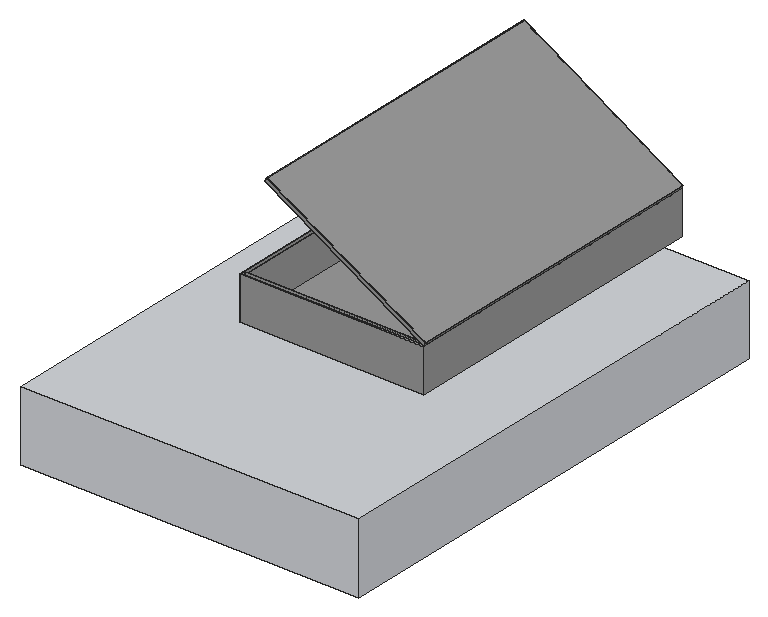
Revit family "Hager-Univers-IP54-D205-H1400-Cl.II-Encl-AT-de", category Equipement électrique, Revit 2020
Family settings
  Hôte = Face
  Configuration du panneau = Deux colonnes, circuits au sein
  Cote de connecteur circulaire = Utiliser le diamètre
  Type d'élément = Tableau de raccordement
  Couper avec des vides une fois chargée = Non
  Partagée = Non
  Point de calcul de pièce = Non
Parameters (values of type "Aufputz IP54 B800 H1400 T205  - FP93SW2")
  Width Control [instance] = if([EF000008 - Breite] > Min Width, [EF000008 - Breite], Min Width)  # 800 mm
  Commentaires du type = [HG000003 - Bereich]  # "Univers"
  Thickness Door [instance] = if([EF009171 - Materialstärke Tür/Deckel] > 3 mm, 3 mm, [EF009171 - Materialstärke Tür/Deckel])  # 1 mm
  Seal Frame Offset [instance] = 17 mm  # constant formula
  Plinth Visibility [instance] = [HG000027 - Sockelhöhe] > 0 mm  # no
  Model = ""
  Min Width [instance] = 100 mm  # constant formula
  Min Height [instance] = 100 mm  # constant formula
  Min Depth [instance] = (2 * [EF009170 - Materialstärke Gehäuse]) + 1 mm  # 3 mm
  Internal Frame Depth [instance] = (Door System Depth * 0.5)  # 9 mm
  Height Control [instance] = if([EF000040 - Höhe] > Min Height, [EF000040 - Höhe], Min Height)  # 1400 mm
  HG000027 - Sockelhöhe = 0 mm
  HG000026 - Stehend auf dem Boden = no
  HG000024 - Höhe des unteren Teils = 800 mm
  HG000023 - Gehäuse mit doppeltem Querschnitt = no
  HG000016 - 3D-Türsichtbarkeit [instance] = yes
  HG000015 - Sichtbarkeit der Türöffnung [instance] = no
  HG000014 - Tür rechts [instance] = yes
  HG000013 - Tür links [instance] = not([HG000014 - Tür rechts])  # no
  HG000012 - Türschwenkwinkel [instance] = 30.00°
  HG000010 - Asymmetrische Türen = no
  HG000009 - Doppelflügeligen Tür = no
  HG000006 - Unterputz = no
  HG000004 - Herstellerreferenz = "FP93SW2"
  HG000003 - Bereich = "Univers"
  HG000002 - Mit tür = yes
  Frame Offset Bottom [instance] = 10 mm  # constant formula
  Frame Offset [instance] = 15 mm  # constant formula
  EF015940 - Deckel mit Überdruckentlastung = no
  EF011959 - Schutzart (NEMA) = ""
  EF009554 - Anzahl der Öffnungen für Flanschplatten = 6
  Fabricant = "Hager"  # constant formula
  EF009212 - Ausführung Deckel = "EV000116 - geschlossen"
  EF009171 - Materialstärke Tür/Deckel = 1 mm
  EF009170 - Materialstärke Gehäuse = 1 mm
  EF008873 - Nennstrom (In) = 250 A
  EF007800 - Geeignet für Blitzschutz = no
  EF006306 - Mit Schloss = no
  EF006244 - Transparenter Deckel/Tür = no
  EF005474 - Schutzart (IP) = "EV006419 - IP54"
  EF004464 - Art der Tür = "EV002646 - Einzel"
  EF004427 - Anzahl der Module = 324
  EF004293 - Schlagfestigkeit = "EV006815 - IK09"
  EF003532 - Geeignet für Außengebrauch = no
  EF002950 - Breite in Teilungseinheiten = 36
  EF001613 - Funktionserhalt = "EV000494 - ohne"
  EF001596 - Werkstoff des Gehäuses = "EV000179 - Stahl"
  EF001131 - Innentiefe = 130 mm
  EF001088 - Anbaumöglichkeit = yes
  EF000437 - Anzahl der Leitungseinführungen = 6
  EF000339 - Art der Abdeckung = "EV004216 - Tür"
  EF000266 - Anzahl der Reihen = 9
  EF000218 - Einbautiefe = 205 mm
  EF000118 - Mit Montageplatte = no
  EF000116 - RAL-Nummer = "9010"
  EF000049 - Tiefe = 205 mm
  EF000040 - Höhe = 1400 mm
  EF000008 - Breite = 800 mm
  EF000007 - Farbe = "EV000202 - weiß"
  EF000003 - Montageart = "EV000384 - Aufputz"
  Door System Leaf Tolerance [instance] = 1.5 mm  # constant formula
  Door System Depth [instance] = 18 mm  # constant formula
  Door Height [instance] = Height Control - [HG000027 - Sockelhöhe]  # 1400 mm
  Depth Control [instance] = if([EF000049 - Tiefe] > Min Depth, [EF000049 - Tiefe], Min Depth)  # 205 mm
  Default Elevation = 0 mm
  Connector Offset [instance] = Height Control / 2  # 700 mm
  Bottom Top Plate Trim [instance] = 1.5 mm  # constant formula
  Plinth height Ctrl [instance] = if([HG000027 - Sockelhöhe] > 0 mm, [HG000027 - Sockelhöhe], 12 mm)  # 12 mm
Types (5, lengths in mm): name | Width Control | HG000010 - Asymmetrische Türen | HG000009 - Doppelflügeligen Tür | HG000004 - Herstellerreferenz | EF009554 - Anzahl der Öffnungen für Flanschplatten | EF004464 - Art der Tür | EF004427 - Anzahl der Module | EF002950 - Breite in Teilungseinheiten | EF000437 - Anzahl der Leitungseinführungen | EF000008 - Breite
  Aufputz IP54 B1050 H1400 T205  - FP94SW2 | 1050 | no | yes | "FP94SW2" | 8 | "EV003602 - Doppel" | 432 | 48 | 8 | 1050
  Aufputz IP54 B1300 H1400 T205  - FP95SW2 | 1300 | yes | yes | "FP95SW2" | 10 | "EV003602 - Doppel" | 540 | 60 | 10 | 1300
  Aufputz IP54 B300 H1400 T205  - FP91SW2 | 300 | no | no | "FP91SW2" | 2 | "EV002646 - Einzel" | 108 | 12 | 2 | 300
  Aufputz IP54 B550 H1400 T205  - FP92SW2 | 550 | no | no | "FP92SW2" | 4 | "EV002646 - Einzel" | 216 | 24 | 4 | 550
  Aufputz IP54 B800 H1400 T205  - FP93SW2 | 800 | no | no | "FP93SW2" | 6 | "EV002646 - Einzel" | 324 | 36 | 6 | 800
Reference planes
  plane 1 "Center (Front/Back)": y = 0
  plane 2: z = 0
  plane 3 "Center (Left/Right)": x = 0
  plane 4: z = 205
  plane 5: y = 1
  plane 6: y = 700
  plane 7: y = 0
  plane 8: y = 1400
  plane 9: z = 0
  plane 10: x = -385
  plane 11: x = 385
  plane 12: x = 384
  plane 13: x = -384
  plane 14: y = 1399
  plane 15: x = -383
  plane 16: x = -400
  plane 17: x = 383
  plane 18: x = 400
  plane 19: x = 399
  plane 20: x = -399
  plane 21: y = 11
  plane 22: y = 1400
  plane 23: y = 1384
  plane 24: z = 187
  plane 25: z = 1
  plane 26: z = 186
  plane 27: z = 204
Forms (mm)
  Extrusion 1, solid
    sketch origin (0, 0, 0) x (1, 0, 0) y (0, 1, 0)
      loop
        line (-702.964, 1305) -> (-702.964, -811.445) -> (766.763, -811.445) -> (766.763, 1305) -> (-702.964, 1305)
    from 0 to -304.8
  Extrusion 2, solid, material "Hager_Steel_RAL7035_Light_Grey", visible <- "Plinth Visibility", detail levels medium+fine
    sketch origin (0, 0, 0) x (1, 0, 0) y (0, 1, 0)
      loop
        line (-400, 0) -> (400, 0) -> (400, 12) -> (-400, 12) -> (-400, 0)
    from 0 to 187
  Extrusion 3, solid, material "Hager_Steel_RAL7035_Light_Grey", detail levels medium+fine
    sketch origin (0, 0, 0) x (1, 0, 0) y (0, 1, 0)
      loop
        line (-400, 0) -> (400, 0) -> (400, 1400) -> (-400, 1400) -> (-400, 0)
    from 0 to 187
  Extrusion 4, void
    sketch origin (0, 0, 0) x (1, 0, 0) y (0, 1, 0)
      loop
        line (-399, 1) -> (399, 1) -> (399, 1399) -> (-399, 1399) -> (-399, 1)
    from 1 to 186
  Extrusion 5, void
    sketch origin (-381.607, -4572, 187) x (0, -1, 0) y (-1, 0, 0)
      loop
        line (-4583, 2.393) -> (-5956, 2.393) -> (-5956, -765.607) -> (-4583, -765.607) -> (-4583, 2.393)
    from 0 to 1 <- "EF009170 - Materialstärke Gehäuse"
  Extrusion 6, solid, material "Hager_Steel_RAL7035_Light_Grey", detail levels fine
    sketch origin (0, 0, 187) x (1, 0, 0) y (0, 1, 0)
      loop
        line (-384, 1384) -> (-384, 11) -> (384, 11) -> (384, 1384) -> (-384, 1384)
      loop
        line (-385, 10) -> (385, 10) -> (385, 1385) -> (-385, 1385) -> (-385, 10)
    from 0 to 9 <- "Internal Frame Depth"
  Extrusion 7, solid, material "Hager_Steel_RAL7035_Light_Grey", detail levels coarse
    sketch origin (0, 0, 0) x (1, 0, 0) y (0, 1, 0)
      loop
        line (-400, 0) -> (400, 0) -> (400, 1400) -> (-400, 1400) -> (-400, 0)
    from 0 to 205
  Sweep 8, void
    path in 3D
      loop
        line (-400, 12, 0) -> (400, 12, 0) -> (400, 12, 187) -> (-400, 12, 187) -> (-400, 12, 0)
    profile origin (-400, 12, 93.5) x (-1, 0, 0) y (0, -1, 0)
      loop
        line (0, 0) -> (0, 1.5) -> (-1.5, 1.5)
        arc (-1.5, 1.5) -> (-1.061, 0.439) -> (0, 0) r 1.5
Cuts and joins
  Extrusion 4, Extrusion 5 cuts Extrusion 3
  Sweep 8 cuts Extrusion 2
Lines and regions (mm)
  Masking region 1
    outline origin (0, 0, 0) x (1, 0, 0) y (0, 0, 1)
      loop
        line (-400, 205) -> (-400, 0) -> (400, 0) -> (400, 205) -> (-400, 205)
  Masking region 2, detail levels medium+fine
    outline origin (0, 140, 0) x (0, 1, 0) y (0, 0, 1)
      loop
        line (-140, 0) -> (1260, 0) -> (1260, 187) -> (-140, 187) -> (-140, 0)
  Masking region 3, not visible, detail levels medium+fine
    outline origin (0, 297.922, 0) x (0, 1, 0) y (0, 0, 1)
      loop
        line (413.578, 0) -> (453.578, 0) -> (453.578, 194)
        arc (453.578, 194) -> (450.649, 201.071) -> (443.578, 204) r 10
        line (443.578, 204) -> (413.578, 204) -> (413.578, 0)
  Masking region 4, detail levels coarse
    outline origin (0, 0, 180) x (0, 1, 0) y (0, 0, 1)
      loop
        line (0, -180) -> (1400, -180) -> (1400, 25) -> (0, 25) -> (0, -180)
  Masking region 5, visible <- "Plinth Visibility", detail levels medium+fine
    outline origin (0, 52.24, 12.345) x (0, 0, -1) y (0, 1, 0)
      loop
        line (10.845, -40.24) -> (-173.155, -40.24)
        arc (-173.155, -40.24) -> (-173.594, -41.301) -> (-174.655, -41.74) r 1.5
        line (-174.655, -41.74) -> (-174.655, -52.24) -> (12.345, -52.24) -> (12.345, -41.74)
        arc (12.345, -41.74) -> (11.285, -41.301) -> (10.845, -40.24) r 1.5
  Masking region 6, detail levels medium+fine
    outline origin (-381.607, -4572, 187) x (-1, 0, 0) y (0, -1, 0)
      loop
        line (18.393, -5972) -> (18.393, -4572) -> (-781.607, -4572) -> (-781.607, -5972) -> (18.393, -5972)
  Masking region 7, visible <- "Plinth Visibility", detail levels medium+fine
    outline origin (-381.607, -4727, 187) x (-1, 0, 0) y (0, -1, 0)
      loop
        arc (16.893, -4739) -> (17.332, -4737.939) -> (18.393, -4737.5) r 1.5
        line (18.393, -4737.5) -> (18.393, -4727) -> (-781.607, -4727) -> (-781.607, -4737.5)
        arc (-781.607, -4737.5) -> (-780.546, -4737.939) -> (-780.107, -4739) r 1.5
        line (-780.107, -4739) -> (16.893, -4739)
  Masking region 8, detail levels coarse
    outline origin (-442.548, -4669.526, 187) x (-1, 0, 0) y (0, -1, 0)
      loop
        line (-42.548, -6069.526) -> (-42.548, -4669.526) -> (-842.548, -4669.526) -> (-842.548, -6069.526) -> (-42.548, -6069.526)
  sketch lines
    curve 1: line (-400, 12, 187) -> (-400, 12, 0)
    curve 2: line (400, 12, 187) -> (-400, 12, 187)
    curve 3: line (400, 12, 187) -> (400, 12, 0)
    curve 4: line (-400, 12, 0) -> (400, 12, 0)
Dimensions and locks
  "Depth Control": plane 4 to Extrusion 1
  "HG000027 - Sockelhöhe": plane 1 "Center (Front/Back)" to plane 7
  "EF009170 - Materialstärke Gehäuse": plane 5 to plane 7
  locked: connector elem to plane 3 "Center (Left/Right)"
  equal spacing: plane 8, plane 6, plane 7
  locked: connector elem to plane 6
  "EF009170 - Materialstärke Gehäuse": plane 8 to plane 14
  "EF009170 - Materialstärke Gehäuse": plane 10 to plane 13
  "EF009170 - Materialstärke Gehäuse": plane 12 to plane 11
  "Frame Offset": plane 20 to plane 13
  "Frame Offset": plane 12 to plane 19
  "EF009170 - Materialstärke Gehäuse": plane 16 to plane 20
  "EF009170 - Materialstärke Gehäuse": plane 19 to plane 18
  "Seal Frame Offset": plane 16 to plane 15
  "Seal Frame Offset": plane 17 to plane 18
  "Frame Offset Bottom": plane 21 to plane 5
  "Frame Offset": plane 14 to plane 23
  equal spacing: plane 16, plane 3 "Center (Left/Right)", plane 18
  "Width Control": plane 16 to plane 18
  "EF009170 - Materialstärke Gehäuse": plane 4 to plane 27
  "EF009170 - Materialstärke Gehäuse": plane 24 to plane 26
  "EF009170 - Materialstärke Gehäuse": plane 25 to level
  "Door System Depth": plane 4 to plane 24
  "Height Control": plane 1 "Center (Front/Back)" to Extrusion 7 sketch curve
  "Height Control": Masking region 4 sketch curve to plane 1 "Center (Front/Back)"
  "Height Control": plane 1 "Center (Front/Back)" to plane 22
  "Bottom Top Plate Trim": profile plane to Sweep 8 sketch curve
  "Bottom Top Plate Trim": Sweep 8 sketch curve to profile plane
  "Plinth height Ctrl": plane 1 "Center (Front/Back)" to Extrusion 2 sketch curve
  "Plinth height Ctrl": Masking region 5 sketch curve to plane 1 "Center (Front/Back)"
  "Plinth height Ctrl": plane 1 "Center (Front/Back)" to Masking region 7 sketch curve
  "Thickness Door": Extrusion 6 sketch curve to Extrusion 6 sketch curve  (x3)
  "Thickness Door": cut or joined group of Extrusion 3, Extrusion 4, Extrusion 5 to Extrusion 6 sketch curve
  radius of Masking region 3 sketch curve = 10 mm
  "Bottom Top Plate Trim": radius of Masking region 5 sketch curve  (x2)
  "Bottom Top Plate Trim": radius of Sweep 8 sketch curve
  "Bottom Top Plate Trim": radius of Masking region 7 sketch curve  (x2)
  aligned and locked: plane 2 to Extrusion 1
  aligned and locked: level to Extrusion 1
  aligned and locked: level to Masking region 1 sketch curve
  aligned and locked: Masking region 1 sketch curve to plane 18
  aligned and locked: Masking region 1 sketch curve to plane 16
  aligned and locked: plane 7 to Masking region 2 sketch curve
  aligned and locked: level to Masking region 3 sketch curve
  aligned and locked: Masking region 3 sketch curve to plane 27
  aligned and locked: level to Masking region 2 sketch curve
  aligned and locked: plane 1 "Center (Front/Back)" to Extrusion 2 sketch curve
  aligned and locked: Extrusion 3 sketch curve to plane 7
  aligned and locked: plane 16 to Extrusion 3 sketch curve
  aligned and locked: plane 18 to Extrusion 3 sketch curve
  aligned and locked: plane 20 to Extrusion 4 sketch curve
  aligned and locked: plane 19 to Extrusion 4 sketch curve
  aligned and locked: Extrusion 4 sketch curve to plane 5
  aligned and locked: Extrusion 4 to plane 25
  aligned and locked: plane 26 to Extrusion 4
  aligned and locked: plane 24 to Extrusion 3
  aligned and locked: Extrusion 5 sketch curve to plane 21
  aligned and locked: Extrusion 5 sketch curve to plane 13
  aligned and locked: Extrusion 5 sketch curve to plane 12
  aligned and locked: plane 18 to Extrusion 7 sketch curve
  aligned and locked: plane 1 "Center (Front/Back)" to Extrusion 7 sketch curve
  aligned and locked: plane 16 to Extrusion 7 sketch curve
  aligned and locked: plane 4 to Extrusion 7
  aligned and locked: Extrusion 7 to level
  aligned and locked: level to Masking region 4 sketch curve
  aligned and locked: Masking region 4 sketch curve to plane 1 "Center (Front/Back)"
  aligned and locked: Masking region 4 sketch curve to plane 4
  aligned and locked: nested 1 to level
  aligned and locked: nested 1 to plane 16
  aligned and locked: plane 8 to Extrusion 3 sketch curve
  aligned and locked: plane 23 to Extrusion 5 sketch curve
  aligned and locked: plane 14 to Extrusion 4 sketch curve
  aligned and locked: Masking region 2 sketch curve to plane 8
  aligned and locked: level to Masking region 5 sketch curve
  aligned and locked: plane 16 to Extrusion 2 sketch curve
  aligned and locked: plane 18 to Extrusion 2 sketch curve
  aligned and locked: Masking region 5 sketch curve to plane 24
  aligned and locked: Masking region 2 sketch curve to plane 24
  aligned and locked: plane 24 to Extrusion 2
  aligned and locked: profile plane to Sweep 8 sketch curve  (x2)
  aligned and locked: Masking region 6 sketch curve to plane 18
  aligned and locked: Masking region 6 sketch curve to plane 22
  aligned and locked: Masking region 6 sketch curve to plane 16
  aligned and locked: plane 8 to plane 22
  aligned and locked: Masking region 6 sketch curve to plane 7
  aligned and locked: Masking region 7 sketch curve to plane 16
  aligned and locked: Masking region 7 sketch curve to plane 1 "Center (Front/Back)"
  aligned and locked: Masking region 7 sketch curve to plane 18
  aligned and locked: Masking region 8 sketch curve to plane 1 "Center (Front/Back)"
  aligned and locked: Masking region 8 sketch curve to plane 18
  aligned and locked: Masking region 8 sketch curve to plane 22
  aligned and locked: Masking region 8 sketch curve to plane 16
  aligned and locked: nested 2 to plane 7
  aligned and locked: plane 3 "Center (Left/Right)" to nested 2
  aligned and locked: nested 2 to plane 24
  aligned and locked: Extrusion 6 sketch curve to cut or joined group of Extrusion 3, Extrusion 4, Extrusion 5  (x4)
Automatic sketch dimensions
  Extrusion 1 sketch curve to Extrusion 1 sketch curve = 1469.727 mm
  Extrusion 1 sketch curve to Extrusion 1 sketch curve = 2116.445 mm
  Masking region 1 sketch curve to plane 4 = 0 mm
  plane 6 to Masking region 3 sketch curve = 11.5 mm
  Masking region 3 sketch curve to Masking region 3 sketch curve = 30 mm
  Masking region 5 sketch curve to plane 1 "Center (Front/Back)" = 0 mm
Nested families
  nested 1: "Hager_Enclosure_Symbol" at (-400, 0, 0) x (1, 0, 0) z (0, -1, 0), Height <- "Depth Control", Width <- "Width Control", type "Hager_Enclosure_Symbol"
    with Width_Ctrl 800 mm, Width 800 mm, Height_Ctrl 205 mm, Height 205 mm, A_Width_Int 13.453 mm, A_Width 161.438 mm, A_Height_Ctrl 179.375 mm, A_Height 179.375 mm
  nested 2: "EC000058_Univers_Door" at (0, 0, 187) x (1, 0, 0) z (0, 1, 0), Leaf_Tolerance <- "Door System Leaf Tolerance", Angle <- "HG000012 - Türschwenkwinkel", Door_Depth <- "Door System Depth", Door_Left <- "HG000013 - Tür links", Transparent <- "EF006244 - Transparenter Deckel/Tür", Assymetrical <- "HG000010 - Asymmetrische Türen", Width <- "Width Control", Clearance <- "HG000015 - Sichtbarkeit der Türöffnung", Double <- "HG000009 - Doppelflügeligen Tür", 3d_Door <- "HG000016 - 3D-Türsichtbarkeit", Lock_Visibility <- "EF006306 - Mit Schloss", Width_Ctrl <- "Width Control", Door_Right <- "HG000014 - Tür rechts", Door <- "HG000002 - Mit tür", Height <- "Door Height", Thickness <- "Thickness Door", type "EC000058_Univers_Door", detail levels medium+fine
    with min_wh 3 mm, Width_Ctrl 800 mm, Width 800 mm, Transparent no, Thickness 1 mm, Seal_Material Hager_Rubber, Lock_Visibility no, Lock_Material Hager_Plastic_RAL9005_Jet_Black, Leaf_Width 800 mm, Leaf_Tolerance_External_Sides 0 mm, Leaf_Tolerance 1.5 mm, Leaf_Offset 0 mm, Leaf_Height 1397 mm, Leaf_2_Width 800 mm, Leaf_2_Offset 400 mm, Leaf_1_Width 800 mm, Leaf_1_Offset 400 mm, Height_Ctrl 1400 mm, Height 1400 mm, Glass_Material Hager_Glass, Double_Clearance_Ctrl no, Double no, Door_Right_Ctrl yes, Door_Right yes, Door_Material Hager_Steel_RAL7035_Light_Grey, Door_Left_Ctrl no, Door_Left no, Door_Depth 18 mm, Door yes, Clearance_Material Hager_Clearance, Clearance_Depth 800 mm, Clearance_Ctrl no, Clearance no, Assymetrical no, Angle 30.00°, 3d_Door yes
Connectors
  electrical at (0, 700, 0)
    settings: on plane 9, index 1, voltage 0 V, apparent load 0 VA, apparent load phase1 0 VA, apparent load phase2 0 VA, apparent load phase3 0 VA, power factor 1, load classification "Other", number of poles 1, system type 30, power factor state 1, is connector primary yes, connector utility no, sub classification motor no, connector description ""
Definition of nested family "EC000058_Univers_Door"
  Parameters (values of type "EC000058_Univers_Door")
    min_wh [instance] = (2 * Thickness) + 1 mm  # 11 mm
    Width_Ctrl [instance] = 400 mm
    Width [instance] = 500 mm
    Transparent [instance] = yes
    Thickness [instance] = 5 mm
    Seal_Material [instance] = none
    Lock_Visibility [instance] = yes
    Lock_Material [instance] = none
    Leaf_Width [instance] = if((Width_Ctrl - 2 * Leaf_Tolerance_External_Sides) > 0 mm, (Width_Ctrl - 2 * Leaf_Tolerance_External_Sides), min_wh)  # 400 mm
    Leaf_Tolerance_External_Sides [instance] = 0 mm  # constant formula
    Leaf_Tolerance [instance] = 1.5 mm
    Leaf_Offset [instance] = 0 mm  # constant formula
    Leaf_Height [instance] = if((Height_Ctrl - 2 * Leaf_Tolerance) > 0 mm, (Height_Ctrl - 2 * Leaf_Tolerance), min_wh)  # 497 mm
    Leaf_2_Width [instance] = if(and(and(Double, Assymetrical), Door_Left), (Leaf_Width / 3) - (Leaf_Tolerance / 2), if(and(and(Double, Assymetrical), Door_Right), (Leaf_Width / 3) * 2 - (Leaf_Tolerance / 2), if(and(Double, not(Assymetrical)), (Leaf_Width / 2) - Leaf_Tolerance, Leaf_Width)))  # 400 mm
    Leaf_2_Offset [instance] = if(and(Double, Assymetrical), Leaf_2_Width / 2, if(and(Double, not(Assymetrical)), Leaf_Width / 4, Leaf_Width / 2))  # 200 mm
    Leaf_1_Width [instance] = if(and(and(Double, Assymetrical), Door_Right), (Leaf_Width / 3) - (Leaf_Tolerance / 2), if(and(and(Double, Assymetrical), Door_Left), (Width / 3) * 2 - (Leaf_Tolerance / 2), if(and(Double, not(Assymetrical)), (Leaf_Width / 2) - Leaf_Tolerance, Leaf_Width)))  # 400 mm
    Leaf_1_Offset [instance] = if(and(Double, Assymetrical), Leaf_1_Width / 2, if(and(Double, not(Assymetrical)), Leaf_Width / 4, Leaf_Width / 2))  # 200 mm
    Height_Ctrl [instance] = if(Height > min_wh, Height, min_wh)  # 500 mm
    Height [instance] = 500 mm
    Glass_Material [instance] = none
    Double_Clearance_Ctrl [instance] = and(Double, Clearance)  # no
    Double [instance] = no
    Door_Right_Ctrl [instance] = and(or(Door_Right, Double), Door)  # yes
    Door_Right [instance] = yes
    Door_Material [instance] = none
    Door_Left_Ctrl [instance] = and(or(Door_Left, Double), Door)  # no
    Door_Left [instance] = no
    Door_Depth [instance] = 30 mm
    Door [instance] = yes
    Default Elevation = 1219.2 mm
    Clearance_Material [instance] = none
    Clearance_Depth [instance] = if(Leaf_1_Width > Leaf_2_Width, Leaf_1_Width, Leaf_2_Width)  # 400 mm
    Clearance_Ctrl [instance] = and(not(Double), Clearance)  # yes
    Clearance [instance] = yes
    Assymetrical [instance] = yes
    Angle [instance] = 30.00°
    3d_Door [instance] = yes
  Reference planes
    plane 1 "Center (Front/Back)": y = 0
    plane 2 "Bottom": z = 0
    plane 3 "Center (Left/Right)": x = 0
    plane 4: z = 500
    plane 5: x = -200
    plane 6: x = 200
    plane 7: z = 500
    plane 8: x = -200
    plane 9: z = 0
    plane 10: x = 200
    plane 11: y = 0
    plane 12: z = 1.5
    plane 13: x = -600
    plane 14: y = -400
    plane 15: x = 600
    plane 16: x = 0
    plane 17: x = 0
    plane 18: x = -200
    plane 19: x = 200
    plane 20: z = 498.5
  Forms (mm)
    Extrusion 1, solid, material <- "Clearance_Material", visible <- "Double_Clearance_Ctrl"
      sketch origin (1200, 0, 0) x (1, 0, 0) y (0, 0, -1)
        loop
          line (-1800, -498.5) -> (-600, -498.5) -> (-600, 0) -> (-1800, 0) -> (-1800, -498.5)
      from 0 to -400
  Dimensions and locks
    equal spacing: plane 5, plane 3 "Center (Left/Right)", plane 6
    "Width_Ctrl": plane 5 to plane 6
    "Leaf_Offset": plane 5 to plane 8
    "Leaf_Offset": plane 6 to plane 10
    "Leaf_Offset": plane 9 to level
    "Leaf_Offset": plane 4 to plane 7
    "Height_Ctrl": plane 4 to level
    "Leaf_Tolerance": plane 12 to plane 9
    locked: plane 11 to plane 1 "Center (Front/Back)"
    "Leaf_1_Offset": plane 18 to plane 16
    "Leaf_2_Offset": plane 17 to plane 19
    "Leaf_1_Width": plane 13 to plane 8
    "Leaf_2_Width": plane 10 to plane 15
    "Clearance_Depth": plane 14 to plane 1 "Center (Front/Back)"
    "Leaf_Tolerance_External_Sides": plane 8 to plane 18
    "Leaf_Tolerance_External_Sides": plane 19 to plane 10
    "Leaf_Tolerance": plane 7 to plane 20
    aligned and locked: level to plane 2 "Bottom"
    aligned and locked: nested 1 to plane 16
    aligned and locked: nested 2 to plane 17
    aligned and locked: Extrusion 1 to plane 13
    aligned and locked: plane 15 to Extrusion 1
    aligned and locked: Extrusion 1 to plane 14
    aligned and locked: plane 12 to nested 1
    aligned and locked: nested 2 to plane 12
    aligned and locked: Extrusion 1 to plane 11
    aligned and locked: plane 20 to Extrusion 1
    aligned and locked: nested 2 to plane 11
    aligned and locked: nested 1 to plane 11
  Automatic sketch dimensions
    Extrusion 1 sketch curve to level = 0 mm
    plane 5 to Extrusion 1 sketch curve = 400 mm
    plane 6 to Extrusion 1 sketch curve = 400 mm
    Extrusion 1 sketch curve to plane 4 = 1.5 mm
  Nested families
    nested 1: "EC000058_Univers_Door_Leaf" at (0, 0, 1.5), Width <- "Leaf_1_Width", visible <- "Door_Left_Ctrl", Leaf_Height <- "Leaf_Height", Angle <- "Angle", 3d_Door <- "3d_Door", Transparent <- "Transparent", Clearance Material <- "Clearance_Material", Clearance <- "Clearance_Ctrl", Door_Material <- "Door_Material", Glass_Material <- "Glass_Material", Door_Depth <- "Door_Depth", Lock_Material <- "Lock_Material", Seal_Material <- "Seal_Material", Lock_Visibility <- "Lock_Visibility", Thickness <- "Thickness", type "EC000058_Univers_Door_Leaf"
      with Width 400 mm, Transparent_Glass_Offset 30 mm, Transparent_Ctrl yes, Transparent yes, Thickness 5 mm, Standard no, Seal_Material none, Seal_D2 8 mm, Seal_D1 1 mm, Offset_Internal_Frame 10 mm, Lock_Width 20 mm, Lock_Visibility_3d yes, Lock_Visibility yes, Lock_Thickness_3 3 mm, Lock_Thickness_2 1 mm, Lock_Thickness_1 3 mm, Lock_Radius_Offset_2 16 mm, Lock_Radius_Offset_1 15 mm, Lock_Radius_2 5 mm, Lock_Radius 6 mm, Lock_Offset 5 mm, Lock_Material none, Lock_Height 80 mm, Lock_Cover_Top_Offset_2d 17 mm, Lock_Cover_Height -65 mm, Leaf_Height 497 mm, Internal_Seal_Thickness 8 mm, Internal_Seal_Depth_2 4.5 mm, Internal_Frame_Depth 25 mm, Glass_Thickness -1 mm, Glass_Offset -2 mm, Glass_Material none, Door_Material none, Door_Depth 30 mm, Clearance Material none, Clearance yes, Angle_Ctrl 30.00°, Angle 30.00°, 3d_Door yes
    nested 2: "EC000058_Univers_Door_Leaf" at (0, 0, 1.5) x (-1, 0, 0) z (0, 0, 1), Width <- "Leaf_2_Width", visible <- "Door_Right_Ctrl", Leaf_Height <- "Leaf_Height", Angle <- "Angle", 3d_Door <- "3d_Door", Transparent <- "Transparent", Clearance Material <- "Clearance_Material", Clearance <- "Clearance_Ctrl", Door_Material <- "Door_Material", Glass_Material <- "Glass_Material", Door_Depth <- "Door_Depth", Lock_Material <- "Lock_Material", Seal_Material <- "Seal_Material", Lock_Visibility <- "Lock_Visibility", Thickness <- "Thickness", type "EC000058_Univers_Door_Leaf"
      with Width 400 mm, Transparent_Glass_Offset 30 mm, Transparent_Ctrl yes, Transparent yes, Thickness 5 mm, Standard no, Seal_Material none, Seal_D2 8 mm, Seal_D1 1 mm, Offset_Internal_Frame 10 mm, Lock_Width 20 mm, Lock_Visibility_3d yes, Lock_Visibility yes, Lock_Thickness_3 3 mm, Lock_Thickness_2 1 mm, Lock_Thickness_1 3 mm, Lock_Radius_Offset_2 16 mm, Lock_Radius_Offset_1 15 mm, Lock_Radius_2 5 mm, Lock_Radius 6 mm, Lock_Offset 5 mm, Lock_Material none, Lock_Height 80 mm, Lock_Cover_Top_Offset_2d 17 mm, Lock_Cover_Height -65 mm, Leaf_Height 497 mm, Internal_Seal_Thickness 8 mm, Internal_Seal_Depth_2 4.5 mm, Internal_Frame_Depth 25 mm, Glass_Thickness -1 mm, Glass_Offset -2 mm, Glass_Material none, Door_Material none, Door_Depth 30 mm, Clearance Material none, Clearance yes, Angle_Ctrl 30.00°, Angle 30.00°, 3d_Door yes
  Definition of nested family "EC000058_Univers_Door_Leaf"
    Parameters (values of type "EC000058_Univers_Door_Leaf")
      Width [instance] = 2000 mm
      Transparent_Glass_Offset [instance] = 30 mm
      Transparent_Ctrl [instance] = and(Transparent, [3d_Door])  # yes
      Transparent [instance] = yes
      Thickness [instance] = 5 mm
      Standard [instance] = and(not(Transparent), [3d_Door])  # no
      Seal_Material [instance] = none
      Seal_D2 [instance] = 8 mm  # constant formula
      Seal_D1 [instance] = 1 mm  # constant formula
      Offset_Internal_Frame [instance] = 10 mm  # constant formula
      Lock_Width [instance] = 20 mm  # constant formula
      Lock_Visibility_3d [instance] = and(Lock_Visibility, [3d_Door])  # yes
      Lock_Visibility [instance] = yes
      Lock_Thickness_3 [instance] = 3 mm  # constant formula
      Lock_Thickness_2 [instance] = 1 mm  # constant formula
      Lock_Thickness_1 [instance] = 3 mm  # constant formula
      Lock_Radius_Offset_2 [instance] = Lock_Radius_Offset_1 + 1 mm  # 16 mm
      Lock_Radius_Offset_1 [instance] = 15 mm  # constant formula
      Lock_Radius_2 [instance] = Lock_Radius - 1 mm  # 5 mm
      Lock_Radius [instance] = 6 mm  # constant formula
      Lock_Offset [instance] = 5 mm  # constant formula
      Lock_Material [instance] = none
      Lock_Height [instance] = 80 mm  # constant formula
      Lock_Cover_Top_Offset_2d [instance] = Lock_Radius_Offset_2 + 1 mm  # 17 mm
      Lock_Cover_Height [instance] = -(Lock_Height - Lock_Radius_Offset_1)  # -65 mm
      Leaf_Height [instance] = 2720.336 mm
      Internal_Seal_Thickness [instance] = 8 mm  # constant formula
      Internal_Seal_Depth_2 [instance] = 4.5 mm  # constant formula
      Internal_Frame_Depth [instance] = if(Door_Depth - Thickness > 5 mm, Door_Depth - Thickness, 5 mm)  # 25 mm
      Glass_Thickness [instance] = if(Thickness > 15 mm, Glass_Offset + 10 mm, -1 mm)  # -1 mm
      Glass_Offset [instance] = if(Thickness > 15 mm, -(Thickness + 10 mm) / 2, -2 mm)  # -2 mm
      Glass_Material [instance] = none
      Door_Material [instance] = none
      Door_Depth [instance] = 30 mm
      Default Elevation = 0 mm
      Clearance Material [instance] = none
      Clearance [instance] = yes
      Angle_Ctrl [instance] = if(Angle > 180.00°, 180.00°, Angle)  # 90.00°
      Angle [instance] = 90.00°
      3d_Door [instance] = yes
    Reference planes
      plane 1 "Center (Front/Back)": y = 0
      plane 2: z = 0
      plane 3 "Center (Left/Right)": x = 0
      plane 4: y = 2000
      plane 5: x = -1000
      plane 6: x = 1000
      plane 7: x = -3000
      plane 8: z = 2720.336
      plane 9: z = 30
      plane 10: z = 2690.336
      plane 11: x = 970
      plane 12: x = -970
      plane 13: y = -3
      plane 14: z = 107.833
      plane 15: y = -5
      plane 16: y = -223.314
      plane 17: x = -1000
      plane 18: z = 1360.168
      plane 19: y = 30
    Forms (mm)
      Extrusion 1, solid, material <- "Clearance Material", visible <- "Clearance"
        sketch origin (0, 0, 0) x (1, 0, 0) y (0, 0, 1)
          loop
            line (-3000, 2720.336) -> (-3000, 0) -> (1000, 0) -> (1000, 2720.336) -> (-3000, 2720.336)
        from 0 to -2000
      Extrusion 2, solid, material <- "Door_Material", visible <- "Standard", detail levels medium+fine
        sketch origin (-1000, 0, 0) x (0, 1, 0) y (-1, 0, 0)
          loop
            line (0, 30) -> (0, 25) -> (2000, 25) -> (2000, 30) -> (0, 30)
        from 0 to 2720.336 <- "Leaf_Height"
      Extrusion 3, solid, material <- "Door_Material", visible <- "Transparent_Ctrl", detail levels medium+fine
        sketch origin (-1000, 0, 0) x (0, 1, 0) y (-1, 0, 0)
          loop
            line (0, 25) -> (2000, 25) -> (2000, 30) -> (0, 30) -> (0, 25)
        from 0 to 2720.336 <- "Leaf_Height"
      Extrusion 4, void
        sketch origin (-1025, 2000, 0) x (0, 1, 0) y (0, 0, -1)
          loop
            line (-30, -2690.336) -> (-30, -30) -> (-1970, -30) -> (-1970, -2690.336) -> (-30, -2690.336)
        from 0 to 5 <- "Thickness"
      Sweep 5, solid, material <- "Seal_Material", visible <- "Transparent_Ctrl", detail levels fine
        path in 3D
          loop
            line (-1025, 30, 30) -> (-1025, 30, 2690.336) -> (-1025, 1970, 2690.336) -> (-1025, 1970, 30) -> (-1025, 30, 30)
        profile origin (-1025, 1000, 30) x (1, 0, 0) y (0, 0, 1)
          loop
            line (0, 0) -> (0, -8) -> (1, -8) -> (1, 0) -> (0, 0)
      Extrusion 6, solid, material <- "Glass_Material", visible <- "Transparent_Ctrl", detail levels medium+fine
        sketch origin (-1030, 0, 0) x (0, 1, 0) y (0, 0, -1)
          loop
            line (1970, -2690.336) -> (1970, -30) -> (30, -30) -> (30, -2690.336) -> (1970, -2690.336)
        from -2 <- "Glass_Offset" to -1 <- "Glass_Thickness"
      Extrusion 7, solid, material <- "Door_Material", visible <- "3d_Door", detail levels medium+fine
        sketch origin (-1025, 2000, 0) x (0, -1, 0) y (0, 0, -1)
          loop
            line (0, -2720.336) -> (2000, -2720.336) -> (2000, 0) -> (0, 0) -> (0, -2720.336)
          loop
            line (1995, -5) -> (5, -5) -> (5, -2715.336) -> (1995, -2715.336) -> (1995, -5)
        from 0 to 25 <- "Internal_Frame_Depth"
      Sweep 8, solid, material <- "Seal_Material", visible <- "Transparent_Ctrl", detail levels fine
        path in 3D
          loop
            line (-1025, 0, 0) -> (-1025, 2000, 0) -> (-1025, 2000, 2720.336) -> (-1025, 0, 2720.336) -> (-1025, 0, 0)
        profile origin (-1025, 0, 1360.168) x (1, 0, 0) y (0, 1, 0)
          loop
            line (0, 10) -> (2.975, 10)
            arc (2.975, 10) -> (4.053, 10.447) -> (4.5, 11.525) r 1.525
            line (4.5, 11.525) -> (4.5, 16.527)
            arc (4.5, 16.527) -> (4.069, 17.569) -> (3.027, 18) r 1.473
            line (3.027, 18) -> (0, 18) -> (0, 10)
      Extrusion 9, solid, material <- "Lock_Material", visible <- "Lock_Visibility_3d", detail levels fine
        sketch origin (-1030, 0, 0) x (0, 1, 0) y (0, 0, -1)
          loop
            arc (1993.5, -1400.168) -> (1994.561, -1399.729) -> (1995, -1398.668) r 1.5
            line (1995, -1398.668) -> (1995, -1320.168) -> (1975, -1320.168) -> (1975, -1398.668)
            arc (1975, -1398.668) -> (1975.439, -1399.729) -> (1976.5, -1400.168) r 1.5
            line (1976.5, -1400.168) -> (1993.5, -1400.168)
        from 3 <- "Lock_Thickness_1" to 0
      Blend 10, solid, material <- "Lock_Material", visible <- "Lock_Visibility_3d", detail levels fine
        base sketch origin (-1033, 0, 0) x (0, 1, 0) y (0, 0, -1)
          loop
            line (1975, -1320.168) -> (1975, -1398.668)
            arc (1975, -1398.668) -> (1975.439, -1399.729) -> (1976.5, -1400.168) r 1.5
            line (1976.5, -1400.168) -> (1993.5, -1400.168)
            arc (1993.5, -1400.168) -> (1994.561, -1399.729) -> (1995, -1398.668) r 1.5
            line (1995, -1398.668) -> (1995, -1320.168) -> (1975, -1320.168)
        top sketch origin (-1033, 0, 0) x (0, 1, 0) y (0, 0, -1)
          loop
            line (1976, -1320.168) -> (1976, -1398.668)
            arc (1976, -1398.668) -> (1976.146, -1399.022) -> (1976.5, -1399.168) r 0.5
            line (1976.5, -1399.168) -> (1993.5, -1399.168)
            arc (1993.5, -1399.168) -> (1993.854, -1399.022) -> (1994, -1398.668) r 0.5
            line (1994, -1398.668) -> (1994, -1320.168) -> (1976, -1320.168)
        from 0 to 1 <- "Lock_Thickness_2"
      Blend 11, solid, material <- "Lock_Material", visible <- "Lock_Visibility_3d", detail levels fine
        base sketch origin (-1034, 0, 0) x (0, 1, 0) y (0, 0, -1)
          loop
            line (1978, -1320.168) -> (1978, -1384.168)
            arc (1978, -1384.168) -> (1985, -1391.168) -> (1992, -1384.168) r 7
            line (1992, -1384.168) -> (1992, -1320.168) -> (1978, -1320.168)
        top sketch origin (-1034, 0, 0) x (0, 1, 0) y (0, 0, -1)
          loop
            line (1991, -1320.168) -> (1979, -1320.168) -> (1979, -1383.168)
            arc (1979, -1383.168) -> (1985, -1389.168) -> (1991, -1383.168) r 6
            line (1991, -1383.168) -> (1991, -1320.168)
        from 0 to 3 <- "Lock_Thickness_3"
      Extrusion 12, solid, material <- "Lock_Material", visible <- "Lock_Visibility_3d", detail levels fine
        sketch origin (-1030, 1975, 1320.168) x (1, 0, 0) y (0, -1, 0)
          loop
            line (-7, -19) -> (-7, -1) -> (0, -1) -> (0, 0) -> (-8, 0) -> (-8, -20) -> (0, -20) -> (0, -19) -> (-7, -19)
        from 0 to -65 <- "Lock_Cover_Height"
      Extrusion 13, void
        sketch origin (-1038, 1995, 1320.168) x (-1, 0, 0) y (0, 0, -1)
          loop
            line (-5, -65) -> (0, -65) -> (-5, -60) -> (-5, -65)
        from 0 to 20 <- "Lock_Width"
      Extrusion 14, void
        sketch origin (-1038, 1975, 1320.168) x (0, -1, 0) y (0, 0, -1)
          loop
            circle (-10, -15.995) r 6
          loop
            circle (-10, -15.995) r 5
        from 0 to 2
      Extrusion 15, solid, material <- "Lock_Material", visible <- "Lock_Visibility_3d", detail levels medium
        sketch origin (-1030, 0, 0) x (0, 1, 0) y (0, 0, -1)
          loop
            arc (1993.5, -1400.168) -> (1994.561, -1399.729) -> (1995, -1398.668) r 1.5
            line (1995, -1398.668) -> (1995, -1320.168) -> (1975, -1320.168) -> (1975, -1398.668)
            arc (1975, -1398.668) -> (1975.439, -1399.729) -> (1976.5, -1400.168) r 1.5
            line (1976.5, -1400.168) -> (1993.5, -1400.168)
        from 8 to 0
    Cuts and joins
      Extrusion 4 cuts Extrusion 3
      Extrusion 13, Extrusion 14 cuts Extrusion 9
      Extrusion 14 cuts Blend 11
      Extrusion 13, Extrusion 14 cuts Extrusion 12
      joined: Extrusion 9, Blend 10, Blend 11, Extrusion 12
      Extrusion 14 cuts Extrusion 15
    Lines and regions (mm)
      Masking region 1, visible <- "Lock_Visibility", detail levels fine
        outline origin (0, 0, 0) x (0, 1, 0) y (0, 0, 1)
          loop
            line (30, 1320.168) -> (33, 1320.168) -> (33, 1400.168) -> (30, 1400.168) -> (30, 1320.168)
      Masking region 2, visible <- "Lock_Visibility", detail levels fine
        outline origin (0, 3.143, 0) x (0, 1, 0) y (0, 0, 1)
          loop
            line (29.857, 1354.168) -> (30.857, 1354.168) -> (30.857, 1366.168) -> (29.857, 1366.168) -> (29.857, 1354.168)
      Masking region 3, detail levels medium+fine
        outline origin (0, 0, 0) x (0, 1, 0) y (0, 0, 1)
          loop
            line (0, 0) -> (30, 0) -> (30, 2720.336) -> (0, 2720.336) -> (0, 0)
      Masking region 4, detail levels medium+fine
        outline origin (0, 0, 0) x (1, 0, 0) y (0, 0, 1)
          loop
            line (-1000, 2720.336) -> (-1000, 0) -> (1000, 0) -> (1000, 2720.336) -> (-1000, 2720.336)
      Masking region 5, visible <- "Lock_Visibility", detail levels fine
        outline origin (-47.116, 0, 0) x (1, 0, 0) y (0, 0, 1)
          loop
            arc (1024.616, 1399.168) -> (1023.556, 1398.729) -> (1023.116, 1397.668) r 1.5
            line (1023.116, 1397.668) -> (1023.116, 1320.168) -> (1041.116, 1320.168) -> (1041.116, 1397.668)
            arc (1041.116, 1397.668) -> (1040.677, 1398.729) -> (1039.616, 1399.168) r 1.5
            line (1039.616, 1399.168) -> (1024.616, 1399.168)
      Masking region 6, visible <- "Lock_Visibility", detail levels medium+fine
        outline origin (-25, 0, 0) x (1, 0, 0) y (0, 0, 1)
          loop
            arc (1001.5, 1400.168) -> (1000.439, 1399.729) -> (1000, 1398.668) r 1.5
            line (1000, 1398.668) -> (1000, 1320.168) -> (1020, 1320.168) -> (1020, 1398.668)
            arc (1020, 1398.668) -> (1019.561, 1399.729) -> (1018.5, 1400.168) r 1.5
            line (1018.5, 1400.168) -> (1001.5, 1400.168)
      Masking region 7, visible <- "Lock_Visibility", detail levels fine
        outline origin (-73.735, 0, 0) x (1, 0, 0) y (0, 0, 1)
          loop
            line (1051.735, 1382.168) -> (1065.735, 1382.168) -> (1065.735, 1384.168)
            arc (1065.735, 1384.168) -> (1058.735, 1391.168) -> (1051.735, 1384.168) r 7
            line (1051.735, 1384.168) -> (1051.735, 1382.168)
      Masking region 8, visible <- "Lock_Visibility", detail levels fine
        outline origin (-73.735, 0, 0) x (1, 0, 0) y (0, 0, 1)
          loop
            line (1052.735, 1382.168) -> (1064.735, 1382.168) -> (1064.735, 1383.168)
            arc (1064.735, 1383.168) -> (1058.735, 1389.168) -> (1052.735, 1383.168) r 6
            line (1052.735, 1383.168) -> (1052.735, 1382.168)
      Masking region 9, visible <- "Lock_Visibility", detail levels fine
        outline origin (-25, 0, 0) x (1, 0, 0) y (0, 0, 1)
          loop
            line (1020, 1320.168) -> (1020, 1382.168) -> (1000, 1382.168) -> (1000, 1320.168) -> (1020, 1320.168)
      Masking region 10, detail levels medium+fine
        outline origin (0, 0, 0) x (1, 0, 0) y (0, 0, 1)
          loop
            circle (985, 1335.144) r 6
      Masking region 11, detail levels fine
        outline origin (0, 0, 0) x (1, 0, 0) y (0, 0, 1)
          loop
            circle (985, 1335.144) r 5
      Masking region 12, visible <- "Lock_Visibility", detail levels fine
        outline origin (0, 12.767, 0) x (0, 1, 0) y (0, 0, 1)
          loop
            line (20.233, 1320.168) -> (21.233, 1320.168) -> (21.233, 1399.168) -> (20.233, 1400.168) -> (20.233, 1320.168)
      Masking region 13, visible <- "Lock_Visibility", detail levels fine
        outline origin (0, 13.767, -10) x (0, 1, 0) y (0, 0, 1)
          loop
            line (20.233, 1330.168) -> (23.233, 1330.168) -> (23.233, 1399.168) -> (20.233, 1402.168) -> (20.233, 1330.168)
      Masking region 14, visible <- "Lock_Visibility", detail levels fine
        outline origin (0, 12.767, -10) x (0, 1, 0) y (0, 0, 1)
          loop
            line (20.233, 1330.168) -> (25.233, 1330.168) -> (25.233, 1399.305) -> (20.233, 1394.305) -> (20.233, 1330.168)
      Masking region 15, visible <- "Lock_Visibility", detail levels medium
        outline origin (0, 0, 0) x (0, 1, 0) y (0, 0, 1)
          loop
            line (30, 1320.168) -> (38, 1320.168) -> (38, 1400.168) -> (30, 1400.168) -> (30, 1320.168)
      Masking region 16, visible <- "Lock_Visibility", detail levels fine
        outline origin (-1000, 0, 0) x (0, 1, 0) y (-1, 0, 0)
          loop
            line (1975, 30) -> (1995, 30) -> (1995, 38) -> (1975, 38) -> (1975, 30)
          loop
            line (1979, 37) -> (1976, 37) -> (1976, 34) -> (1978, 34) -> (1979, 37)
          loop
            line (1994, 37) -> (1991, 37) -> (1992, 34) -> (1994, 34) -> (1994, 37)
      Masking region 17, visible <- "Lock_Visibility", detail levels medium
        outline origin (-1000, 0, 0) x (0, 1, 0) y (-1, 0, 0)
          loop
            line (1975, 30) -> (1995, 30) -> (1995, 38) -> (1975, 38) -> (1975, 30)
      symbolic lines
        curve 1: line (1000, 0, 0) -> (-3000, 0, 0)
        curve 2: arc (1000, 0, 0) -> (-1000, 2000, 0) -> (-3000, 0, 0) r 2000
        curve 4: line (-1030, 0, 0) -> (-1030, 2000, 0)
      reference lines
        curve 3: line (-1000, 0, 0) -> (-1000, 2000, 0)
      symbolic lines, detail levels medium+fine
        curve 5: line (-1030, 2000, 0) -> (-1025, 2000, 0)
        curve 7: line (-1025, 0, 0) -> (-1030, 0, 0)
        curve 8: line (-1025, 0, 0) -> (-1000, 0, 0)
        curve 9: line (-1000, 0, 0) -> (-1000, 2000, 0)
        curve 10: line (-1000, 2000, 0) -> (-1025, 2000, 0)
      symbolic lines, detail levels fine
        curve 6: line (-1025, 2000, 0) -> (-1025, 0, 0)
      sketch lines
        curve 11: line (-1025, 0, 2720.336) -> (-1025, 0, 0)
        curve 12: line (-1025, 2000, 0) -> (-1025, 0, 0)
        curve 13: line (-1025, 2000, 2720.336) -> (-1025, 2000, 0)
        curve 14: line (-1025, 0, 2720.336) -> (-1025, 2000, 2720.336)
        curve 15: line (-1025, 1970, 30) -> (-1025, 30, 30)
        curve 16: line (-1025, 30, 30) -> (-1025, 30, 2690.336)
        curve 17: line (-1025, 1970, 2690.336) -> (-1025, 1970, 30)
        curve 18: line (-1025, 30, 2690.336) -> (-1025, 1970, 2690.336)
      symbolic lines, visible <- "Transparent", detail levels medium+fine
        curve 19: line (-970, 0, 2690.336) -> (970, 0, 2690.336)
        curve 20: line (-970, 0, 30) -> (-970, 0, 2690.336)
        curve 21: line (970, 0, 30) -> (-970, 0, 30)
        curve 22: line (970, 0, 2690.336) -> (970, 0, 30)
    Dimensions and locks
      "Width": plane 1 "Center (Front/Back)" to plane 4
      equal spacing: plane 5, plane 3 "Center (Left/Right)", plane 6
      "Width": plane 5 to plane 6
      "Width": plane 7 to plane 5
      "Leaf_Height": plane 8 to level
      "Width": curve 5 to curve 3
      "Width": curve 3 to curve 3
      plane 8 to plane 10 = 30 mm
      plane 9 to level = 30 mm
      plane 12 to plane 5 = 30 mm
      plane 6 to plane 11 = 30 mm
      Extrusion 1 to Extrusion 4 sketch curve = 30 mm
      "Transparent_Glass_Offset": curve 3 to Extrusion 4 sketch curve
      "Transparent_Glass_Offset": Extrusion 4 sketch curve to cut or joined group of Extrusion 3, Extrusion 4  (x2)
      cut or joined group of Extrusion 3, Extrusion 4 to Extrusion 6 sketch curve = 30 mm
      "Transparent_Glass_Offset": cut or joined group of Extrusion 3, Extrusion 4 to Extrusion 4 sketch curve
      "Thickness": curve 6 to curve 4
      "Thickness": Extrusion 7 sketch curve to Extrusion 7 sketch curve  (x4)
      "Door_Depth": curve 4 to curve 3
      "Offset_Internal_Frame": profile plane to Sweep 8 sketch curve
      "Internal_Seal_Thickness": Sweep 8 sketch curve to Sweep 8 sketch curve
      "Internal_Seal_Depth_2": profile plane to Sweep 8 sketch curve
      "Seal_D1": profile plane to Sweep 5 sketch curve
      "Seal_D2": profile plane to Sweep 5 sketch curve
      "Thickness": Extrusion 2 sketch curve to Extrusion 2 sketch curve
      equal spacing: Extrusion 9 sketch curve, plane 18, Extrusion 9 sketch curve  (x2)
      equal spacing: Masking region 1 sketch curve, plane 18, Masking region 1 sketch curve
      "Lock_Height": Masking region 1 sketch curve to Masking region 1 sketch curve
      "Lock_Radius": Masking region 2 sketch curve to plane 18 to Masking region 2 sketch curve
      Masking region 2 sketch curve to Masking region 1 = 1 mm
      "Door_Depth": plane 19 to plane 1 "Center (Front/Back)"
      "Lock_Thickness_1": Masking region 1 sketch curve to plane 19
      "Lock_Width": Extrusion 9 sketch curve to Extrusion 9 sketch curve
      "Lock_Height": Extrusion 9 sketch curve to Extrusion 9 sketch curve
      "Lock_Offset": cut or joined group of Extrusion 3, Extrusion 4 to Extrusion 9 sketch curve
      equal spacing: plane 8, plane 18, level
      "Lock_Radius_Offset_1": Blend 11 sketch curve to Blend 10
      locked: Blend 10 to Blend 11 sketch curve at 2  (x2)
      locked: var sketch to Blend 11 sketch curve at 1  (x2)
      "Lock_Radius_Offset_2": Blend 11 sketch curve to Blend 10
      locked: Extrusion 12 sketch curve to Extrusion 12 sketch curve at 1  (x3)
      Masking region 6 sketch curve to Masking region 6 sketch curve = 80 mm
      "Lock_Height": Masking region 6 sketch curve to Masking region 6 sketch curve
      "Lock_Width": Masking region 6 sketch curve to Masking region 6 sketch curve
      locked: Masking region 6 to Masking region 5 sketch curve at 1  (x3)
      locked: Masking region 5 to Masking region 7 sketch curve at 2  (x2)
      "Lock_Radius_Offset_1": Masking region 5 to Masking region 7 sketch curve
      "Lock_Radius_Offset_2": Masking region 5 to Masking region 8 sketch curve
      locked: Masking region 7 to Masking region 8 sketch curve at 1  (x2)
      "Lock_Cover_Top_Offset_2d": Masking region 5 to Masking region 9 sketch curve
      equal spacing: Masking region 9, Masking region 10 sketch curve, Masking region 9
      equal spacing: Masking region 9, Masking region 11 sketch curve, Masking region 9
      Extrusion 15 sketch curve to Extrusion 15 sketch curve = 80 mm
      "Lock_Width": Extrusion 15 sketch curve to Extrusion 15 sketch curve
      "Lock_Height": Extrusion 15 sketch curve to Extrusion 15 sketch curve
      equal spacing: Extrusion 15 sketch curve, plane 18, Extrusion 15 sketch curve
      "Lock_Thickness_3": Masking region 13 sketch curve to Masking region 13 sketch curve
      "Lock_Height": Masking region 12 sketch curve to Masking region 12 sketch curve
      locked: Masking region 13 sketch curve to Masking region 1 at 8
      locked: Masking region 14 sketch curve to Masking region 13 at 1
      locked: Masking region 14 sketch curve to Masking region 1 at 10.863
      "Lock_Height": Masking region 15 sketch curve to Masking region 15 sketch curve
      "Lock_Offset": Extrusion 15 sketch curve to cut or joined group of Extrusion 3, Extrusion 4
      "Lock_Offset": plane 6 to Masking region 6 sketch curve
      radius of Sweep 8 sketch curve = 1.525 mm
      radius of Sweep 8 sketch curve = 1.473 mm
      radius of Extrusion 9 sketch curve = 1.5 mm  (x2)
      "Lock_Radius": radius of Extrusion 14 sketch curve
      "Lock_Radius_2": radius of Extrusion 14 sketch curve
      "Lock_Radius": radius of Masking region 10 sketch curve
      "Lock_Radius_2": radius of Masking region 11 sketch curve
      radius of Extrusion 15 sketch curve = 1.5 mm  (x2)
      "Angle_Ctrl": angle plane 1 "Center (Front/Back)" to curve 3
      locked: Masking region 12 sketch curve to Masking region 12 sketch curve (angle 45.00°)
      locked: Masking region 13 sketch curve to Masking region 13 sketch curve (angle 45.00°)
      locked: Masking region 14 sketch curve to Masking region 14 sketch curve (angle 45.00°)
      aligned and locked: level to plane 2
      aligned and locked: Extrusion 1 to curve 1
      aligned and locked: plane 6 to Extrusion 1
      aligned and locked: Extrusion 1 to plane 1 "Center (Front/Back)"
      aligned and locked: plane 4 to Extrusion 1
      aligned and locked: plane 8 to Extrusion 1
      aligned and locked: curve 7 to Extrusion 2 sketch curve
      aligned and locked: curve 5 to Extrusion 2 sketch curve
      aligned and locked: curve 7 to Extrusion 3 sketch curve
      aligned and locked: Extrusion 3 sketch curve to curve 4
      aligned and locked: Extrusion 3 sketch curve to curve 6
      aligned and locked: Extrusion 3 sketch curve to curve 5
      aligned and locked: curve 9 to curve 3
      aligned and locked: Extrusion 7 sketch curve to cut or joined group of Extrusion 3, Extrusion 4  (x4)
      aligned and locked: plane 17 to curve 3
      aligned and locked: plane 1 "Center (Front/Back)" to curve 3
      aligned and locked: plane 17 to plane 5
      aligned and locked: Sweep 8 sketch curve to profile plane
      aligned and locked: Sweep 5 sketch curve to profile plane  (x2)
      aligned and locked: Masking region 1 to Masking region 2 sketch curve
      aligned and locked: plane 19 to Masking region 1 sketch curve
      aligned and locked: plane 1 "Center (Front/Back)" to Masking region 3 sketch curve
      aligned and locked: plane 19 to Masking region 3 sketch curve
      aligned and locked: level to Masking region 3 sketch curve
      aligned and locked: Masking region 3 sketch curve to plane 8
      aligned and locked: plane 17 to Masking region 4 sketch curve
      aligned and locked: level to Masking region 4 sketch curve
      aligned and locked: Masking region 4 sketch curve to plane 8
      aligned and locked: plane 12 to curve 20
      aligned and locked: plane 10 to curve 19
      aligned and locked: plane 11 to curve 22
      aligned and locked: curve 21 to plane 9
      aligned and locked: Extrusion 2 sketch curve to cut or joined group of Extrusion 3, Extrusion 4
      aligned and locked: Blend 10 sketch curve to Extrusion 9  (x4)
      aligned and locked: Extrusion 9 to Blend 10 sketch curve
      aligned and locked: Blend 10 to Blend 11 sketch curve
      aligned and locked: Extrusion 12 sketch curve to Blend 11
      aligned and locked: Extrusion 12 sketch curve to Extrusion 9  (x4)
      aligned and locked: Masking region 5 sketch curve to Masking region 6
      aligned and locked: Masking region 9 sketch curve to Masking region 6  (x3)
      aligned and locked: Masking region 12 sketch curve to Masking region 1
      aligned and locked: Masking region 13 sketch curve to Masking region 1
      aligned and locked: Masking region 12 to Masking region 14
      aligned and locked: Masking region 14 sketch curve to Masking region 1
      aligned and locked: Masking region 15 sketch curve to Masking region 14
      aligned and locked: Masking region 13 sketch curve to Masking region 12
      aligned and locked: Masking region 16 sketch curve to cut or joined group of Extrusion 14, Extrusion 15  (x4)
      aligned and locked: Masking region 16 sketch curve to cut or joined group of Extrusion 9, Blend 10, Blend 11, Extrusion 12, Extrusion 13, Extrusion 14  (x6)
      aligned and locked: cut or joined group of Extrusion 9, Blend 10, Blend 11, Extrusion 12, Extrusion 13, Extrusion 14 to Masking region 16 sketch curve
      aligned and locked: Masking region 17 sketch curve to cut or joined group of Extrusion 14, Extrusion 15  (x3)
      aligned and locked: Masking region 17 sketch curve to cut or joined group of Extrusion 9, Blend 10, Blend 11, Extrusion 12, Extrusion 13, Extrusion 14
      aligned and locked: Masking region 9 to Masking region 8 sketch curve
      aligned and locked: Masking region 9 to Masking region 7 sketch curve
    Automatic sketch dimensions
      plane 1 "Center (Front/Back)" to curve 2 = 0 mm
      curve 2 to plane 5 = 0 mm
      Extrusion 1 sketch curve to level = 0 mm
      Extrusion 1 sketch curve to plane 7 = 0 mm
      Extrusion 1 sketch curve to plane 6 = 0 mm
      Extrusion 1 sketch curve to plane 8 = 0 mm
      Extrusion 3 to Extrusion 6 sketch curve = 30 mm  (x4)
      Masking region 4 sketch curve to plane 6 = 0 mm
      Blend 10 sketch curve to Extrusion 9 = 1.5 mm
      Blend 10 sketch curve to Extrusion 9 = 1 mm
      Extrusion 13 sketch curve to Extrusion 12 = 0 mm  (x2)
      Extrusion 12 to Extrusion 13 sketch curve = 3 mm
      Extrusion 13 sketch curve to Extrusion 12 = 5 mm
      Extrusion 14 sketch curve to Extrusion 14 sketch curve = 0 mm  (x2)
      Extrusion 14 sketch curve to Extrusion 12 = 10 mm
      Extrusion 14 sketch curve to Extrusion 12 = 15.995 mm
      Masking region 5 sketch curve to Masking region 5 sketch curve = 1.5 mm  (x2)
      Masking region 10 sketch curve to plane 18 = 25.024 mm
      Masking region 11 sketch curve to plane 18 = 25.024 mm
      plane 19 to Masking region 14 sketch curve = 3 mm
      Masking region 16 sketch curve to Masking region 16 sketch curve = 3 mm
      curve 4 to curve 3 = 0 mm
      Blend 10 to Blend 11 sketch curve = 0 mm
      Masking region 6 sketch curve to Masking region 6 sketch curve = 1.5 mm  (x2)
      Masking region 6 sketch curve to plane 18 = 40 mm
      plane 19 to Masking region 12 sketch curve = 3 mm
      Masking region 12 sketch curve to Masking region 12 sketch curve = 1 mm
      Masking region 15 sketch curve to plane 19 = 0 mm
      Masking region 15 sketch curve to plane 18 = 40 mm
      radius of Blend 10 sketch curve to Extrusion 9 = 1 mm
Definition of nested family "Hager_Enclosure_Symbol"
  Parameters (values of type "Hager_Enclosure_Symbol")
    Width_Ctrl [instance] = if(Width > 1 mm, Width, 1 mm)  # 102.27 mm
    Width [instance] = 102.27 mm
    Height_Ctrl [instance] = if(Height > 1 mm, Height, 1 mm)  # 66.5 mm
    A_Width_Int [instance] = if(A_Width / 12 > 2 mm, A_Width / 12, 2 mm)  # 4.364 mm
    A_Width [instance] = if(A_Height_Ctrl * 0.9 > 2 mm, A_Height_Ctrl * 0.9, 2 mm)  # 52.369 mm
    A_Height_Ctrl [instance] = if(A_Height > 2 mm, A_Height, 2 mm)  # 58.188 mm
    Height [instance] = 66.5 mm
    A_Height [instance] = Height - (Height / 8)  # 58.188 mm
  Reference planes
    plane 1 "Centre (avant/arrière)": y = 0
    plane 2: z = 0
    plane 3 "Centre (gauche/droite)": x = 0
    plane 4: x = 52.369
    plane 5: y = 33.042
    plane 6: y = 41.77
    plane 7: y = 66.5
    plane 8: x = 26.184
    plane 9: y = 37.406
    plane 10: x = 102.27
    plane 11: y = 66.5
    plane 12: y = 8.313
  Lines and regions (mm)
    Filled region 1, type "Solid_Black", in view "Niveau de réf."
      outline origin (0, 0, 0) x (1, 0, 0) y (0, 1, 0)
        loop
          line (52.369, 66.5) -> (33.188, 54.536) -> (45.365, 45.006) -> (52.369, 66.5)
    Filled region 2, type "Solid_Black", in view "Niveau de réf."
      outline origin (0, 0, 0) x (1, 0, 0) y (0, 1, 0)
        loop
          line (0, 0) -> (102.27, 0) -> (102.27, 66.5) -> (0, 0)
    detail lines, in view "Niveau de réf."
      curve 1: line (0, 8.313, 0) -> (26.184, 41.77, 0)
      curve 2: line (26.184, 41.77, 0) -> (26.184, 33.042, 0)
      curve 3: line (26.184, 33.042, 0) -> (52.369, 66.5, 0)
  Dimensions and locks
    "A_Width": plane 3 "Centre (gauche/droite)" to plane 4
    equal spacing: plane 3 "Centre (gauche/droite)", plane 8, plane 4
    equal spacing: plane 6, plane 9, plane 5
    equal spacing: curve 3, Filled region 1 sketch curve, Filled region 1 sketch curve
    "Height_Ctrl": plane 1 "Centre (avant/arrière)" to plane 11
    "A_Height_Ctrl": plane 11 to plane 12
    equal spacing: plane 11, plane 9, plane 12
    "A_Width_Int": plane 6 to plane 9
    "Width_Ctrl": plane 3 "Centre (gauche/droite)" to plane 10
    angle Filled region 1 sketch curve to curve 3 = 20.00°
    angle curve 3 to Filled region 1 sketch curve = 20.00°
    locked: curve 3 to Filled region 1 sketch curve (angle 90.00°)
    aligned and locked: plane 10 to Filled region 2
    aligned and locked: plane 11 to Filled region 2 sketch curve
    aligned and locked: plane 10 to Filled region 2 sketch curve
    aligned and locked: plane 3 "Centre (gauche/droite)" to curve 1
    aligned and locked: plane 12 to curve 1
    aligned and locked: plane 7 to plane 11
  Automatic sketch dimensions
    Filled region 1 sketch curve to plane 4 = 0 mm
    Filled region 1 sketch curve to plane 7 = 0 mm
    plane 1 "Centre (avant/arrière)" to Filled region 2 sketch curve = 0 mm
    Filled region 2 sketch curve to plane 3 "Centre (gauche/droite)" = 0 mm
    curve 2 to plane 6 = 0 mm
    curve 2 to plane 8 = 0 mm
    curve 3 to plane 4 = 0 mm
    curve 2 to plane 5 = 0 mm
    curve 3 to plane 7 = 0 mm
